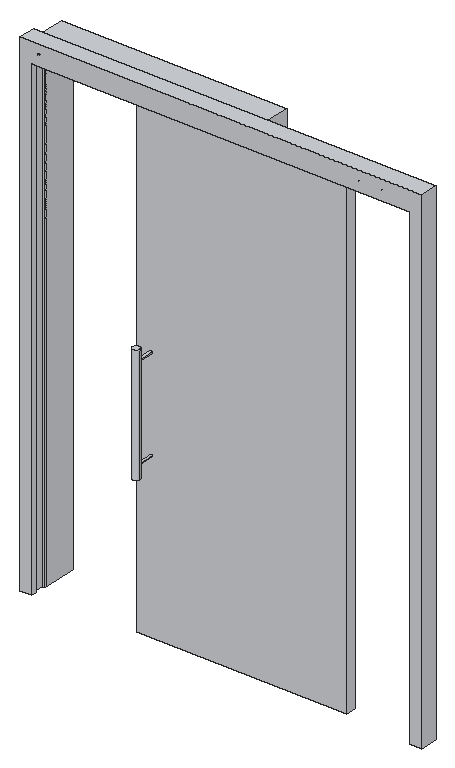
Revit family "Porta de correr sem revestimento - 1 Painel com painel", category Portas, Revit 2019
Family settings
  Hospedeiro = Parede
  Número OmniClass = 23.30.10.00
  Título OmniClass = Doors
  Sempre na vertical = Sim
  Corte com vazios quando carregada = Não
  Compartilhado = Não
  Ponto de cálculo do ambiente = Não
Parameters (values of type "920 x 2100mm")
  Visual Light Transmittance = 0
  Solar Heat Gain Coefficient = 0
  ID do tipo de construção = ""
  Coeficiente de transferência de calor (U) = 3.7021 W/(m²·K)
  Espessura da moldura = 75 mm
  Espessura = Espessura do painel  # 45 mm
  Material deslizante = none
  Rough Width = Width  # 970 mm
  Rough Height = Height  # 2100 mm
  Largura do painel = Width - 70 mm  # 900 mm
  Espessura do painel = 45 mm
  Material do painel = none
  Material do puxador = none
  Função = Interior
  Height = 2100 mm
  Fechamento da parede = Por hospedeiro
  Width = 970 mm
  Largura da estrutura = 50 mm
  Material da moldura = none
  Largura estendida = Largura do painel - 190 mm  # 710 mm
  Construção analítica = Metal
Types (5, lengths in mm): name | Espessura da moldura | Rough Width | Largura do painel | Width | Largura estendida
  (no name) | 75 | 970 | 900 | 970 | 710
  620 x 2100mm | 100 | 690 | 620 | 690 | 430
  720 x 2100mm | 100 | 790 | 720 | 790 | 530
  820 x 2100mm | 100 | 890 | 820 | 890 | 630
  920 x 2100mm | 75 | 970 | 900 | 970 | 710
Reference planes
  plane 1 "Centro (Frente/Trás)": y = 0
  plane 2 "Centro (Esquerda/Direita)": x = 0
  plane 3 "Esquerda": x = -485
  plane 4 "Direita": x = 485
  plane 5: z = 2100
  plane 6 "Exterior": y = 75
  plane 7 "Interior": y = -75
  plane 8: z = 0
  plane 9: z = 1050
  plane 10: y = -80
  plane 11: y = -125
  plane 12: x = 900
  plane 13: z = 2150
  plane 14: x = -435
  plane 15: x = 1195
  plane 16: z = 2050
  plane 17: y = -150
  plane 18: x = 1245
  plane 19: y = -125
  plane 20: y = -80
  plane 21: y = -150
  plane 22: x = 60
  plane 23: z = 900
  plane 24: x = 450
  plane 25: x = 312.5
  plane 26: x = 587.5
  plane 27: through (320, -300, 1054.33) normal (-0.5, 0, 0.866)
  plane 28: through (320, -300, 1045.67) normal (0.5, 0, 0.866)
  plane 29: x = 1245
  plane 30: y = -102.5
Forms (mm)
  Extrusion 1, solid, material <- "Material do painel", detail levels medium+fine
    sketch origin (135, -90, 0) x (1, 0, 0) y (0, 1, 0)
      loop
        line (-135, 10) -> (-135, -35) -> (765, -35) -> (765, 10) -> (-135, 10)
    from 0 to 2050
  Sweep 2, solid, material <- "Material da moldura", detail levels medium+fine
    path origin (0, -75, 0) x (1, 0, 0) y (0, 0, 1)
      loop
        line (-485, 0) -> (-485, 2100) -> (485, 2100) -> (485, 0)
    profile origin (-485, -75, 1050) x (-1, 0, 0) y (0, -1, 0)
      loop
        line (0, -150) -> (0, 0) -> (-50, 0) -> (-50, -150) -> (0, -150)
  Sweep 3, solid, material <- "Material da moldura", detail levels fine
    path origin (0, -75, 0) x (1, 0, 0) y (0, 0, 1)
      loop
        line (1245, 2050) -> (-485, 2050)
    profile "Perfil_Moldura : Perfil_Moldura" origin (380, -75, 2050) x (0, 0, -1) y (0, -1, 0)
      loop
        line (0, 75) -> (-85, 75) -> (-85, 0) -> (0, 0) -> (0, 5) -> (-45, 5) -> (-45, 55) -> (0, 55) -> (0, 75)
  Sweep 4, solid, material <- "Material da moldura", detail levels fine
    path origin (0, -75, 0) x (1, 0, 0) y (0, 0, 1)
      loop
        line (-435, 2100) -> (-435, 0)
    profile origin (-435, -75, 1050) x (0, -1, 0) y (1, 0, 0)
      loop
        line (0, 0) -> (0, -50) -> (75, -50) -> (75, 0) -> (50, 0) -> (50, -10) -> (5, -10) -> (5, 0) -> (0, 0)
  Sweep 5, solid, material <- "Material da moldura", detail levels fine
    path origin (0, -75, 0) x (1, 0, 0) y (0, 0, 1)
      loop
        line (1195, 2100) -> (1195, 0)
    profile origin (1195, -75, 1050) x (0, -1, 0) y (1, 0, 0)
      loop
        line (0, 0) -> (5, 0) -> (5, 10) -> (50, 10) -> (50, 0) -> (75, 0) -> (75, 50) -> (0, 50) -> (0, 0)
  Extrusion 6, solid, material <- "Material do painel", detail levels coarse
    sketch origin (0, 0, 0) x (1, 0, 0) y (0, 1, 0)
      loop
        line (0, -80) -> (0, -125) -> (900, -125) -> (900, -80) -> (0, -80)
    from 0 to 2100
  Sweep 7, solid, detail levels fine
    path origin (-445, -102.5, 2095) x (1, 0, 0) y (0, 0, 1)
      loop
        line (0, 0) -> (1650, 0)
    profile "Perfil_Deslizante : Perfil_Deslizante" origin (380, -102.5, 2095) x (0, 0, 1) y (0, -1, 0)
      loop
        line (-35, -6.708) -> (-35, -17.5) -> (0, -17.5) -> (0, 17.5) -> (-35, 17.5) -> (-35, 6.708)
        arc (-35, 6.708) -> (-33.877, 3.998) -> (-31.167, 2.875) r 3.833
        line (-31.167, 2.875) -> (-31.167, 4.875)
        arc (-31.167, 4.875) -> (-32.819, 5.914) -> (-32.598, 7.854) r 1.833
        arc (-32.598, 7.854) -> (-32, 8.375) -> (-32.598, 8.896) r 0.526
        arc (-32.598, 8.896) -> (-32.897, 9.434) -> (-33, 10.042) r 1.833
        line (-33, 10.042) -> (-33, 15.5) -> (-2, 15.5) -> (-2, -15.5) -> (-33, -15.5) -> (-33, -10.042)
        arc (-33, -10.042) -> (-32.897, -9.434) -> (-32.598, -8.896) r 1.833
        spline (-32.598, -8.896) -> (-32.449, -8.895) -> (-32.306, -8.852) -> (-32.18, -8.771) -> (-32.083, -8.658) -> (-32.021, -8.523) -> (-32, -8.375) -> (-32.021, -8.227) -> (-32.083, -8.092) -> (-32.18, -7.979) -> (-32.306, -7.898) -> (-32.449, -7.855) -> (-32.598, -7.854)
        arc (-32.598, -7.854) -> (-32.819, -5.914) -> (-31.167, -4.875) r 1.833
        line (-31.167, -4.875) -> (-31.167, -2.875)
        arc (-31.167, -2.875) -> (-33.877, -3.998) -> (-35, -6.708) r 3.833
      loop
        arc (-9.083, 5.875) -> (-8.25, 6.708) -> (-9.083, 7.542) r 0.833
        arc (-9.083, 7.542) -> (-9.917, 8.375) -> (-9.083, 9.208) r 0.833
        arc (-9.083, 9.208) -> (-8.25, 10.042) -> (-9.083, 10.875) r 0.833
        line (-9.083, 10.875) -> (-31.167, 10.875)
        arc (-31.167, 10.875) -> (-32, 10.042) -> (-31.167, 9.208) r 0.833
        arc (-31.167, 9.208) -> (-30.333, 8.375) -> (-31.167, 7.542) r 0.833
        arc (-31.167, 7.542) -> (-32, 6.708) -> (-31.167, 5.875) r 0.833
        line (-31.167, 5.875) -> (-21.25, 5.875) -> (-21.25, 1.25) -> (-45, 1.25) -> (-45, -1.25) -> (-21.25, -1.25) -> (-21.25, -5.875) -> (-31.167, -5.875)
        arc (-31.167, -5.875) -> (-32, -6.708) -> (-31.167, -7.542) r 0.833
        arc (-31.167, -7.542) -> (-30.333, -8.375) -> (-31.167, -9.208) r 0.833
        arc (-31.167, -9.208) -> (-32, -10.042) -> (-31.167, -10.875) r 0.833
        line (-31.167, -10.875) -> (-9.083, -10.875)
        arc (-9.083, -10.875) -> (-8.25, -10.042) -> (-9.083, -9.208) r 0.833
        arc (-9.083, -9.208) -> (-9.917, -8.375) -> (-9.083, -7.542) r 0.833
        arc (-9.083, -7.542) -> (-8.25, -6.708) -> (-9.083, -5.875) r 0.833
        line (-9.083, -5.875) -> (-18.75, -5.875) -> (-18.75, 5.875) -> (-9.083, 5.875)
  Sweep 8, solid, material <- "Material da moldura", detail levels medium
    path origin (0, -75, 0) x (1, 0, 0) y (0, 0, 1)
      loop
        line (-485, 0) -> (-485, 2100) -> (1245, 2100) -> (1245, 0)
    profile origin (-485, -75, 1050) x (-1, 0, 0) y (0, -1, 0)
      loop
        line (0, 75) -> (-50, 75) -> (-50, 0) -> (0, 0) -> (0, 75)
Cuts and joins
  joined: Sweep 3, Sweep 4, Sweep 5
Lines and regions (mm)
  Opening 1
    outline origin (-3050, -75, 0) x (1, 0, 0) y (0, 0, 1)
      loop
        line (2565, 0) -> (3535, 0) -> (3535, 2100) -> (2565, 2100) -> (2565, 0)
  symbolic lines, style "Giro da elevação"
    curve 1: line (900, 75, 2100) -> (0, 75, 0)
    curve 2: line (0, 75, 2100) -> (900, 75, 0)
  symbolic lines, style "Seta"
    curve 3: line (312.5, -75, 1050) -> (587.5, -75, 1050)
    curve 4: line (312.5, -75, 1050) -> (390.442, -75, 1095)
    curve 5: line (312.5, -75, 1050) -> (390.442, -75, 1005)
Text (mm)
  text "Externo" at (-2295.016, 1099.543, 0), in view "Nível de referência"
  text "Externo" at (0, 1615.38, 3698.081), in view "Esquerda"
  text "Externo" at (0, 1036.032, 3874.932), in view "Direita"
Dimensions and locks
  equal spacing: plane 3 "Esquerda", plane 2 "Centro (Esquerda/Direita)", plane 4 "Direita"
  "Width": plane 3 "Esquerda" to plane 4 "Direita"
  "Height": plane 5 to host wall
  host wall to plane 5 = 2100 mm  (x2)
  locked: plane 6 "Exterior" to host wall at 0
  locked: plane 7 "Interior" to host wall
  equal spacing: level, plane 9, plane 5
  locked: plane 7 "Interior" to plane 10 at 5
  "Espessura": plane 10 to plane 11
  "Largura do painel": plane 2 "Centro (Esquerda/Direita)" to plane 12
  locked: plane 13 to plane 5 at 50
  "Largura da estrutura": plane 3 "Esquerda" to plane 14
  plane 5 to plane 13 = 50 mm
  "Largura estendida": plane 4 "Direita" to plane 15
  "Largura da estrutura": plane 5 to plane 16
  "Espessura da moldura": plane 17 to plane 7 "Interior"
  "Largura da estrutura": plane 3 "Esquerda" to profile plane
  "Espessura": plane 19 to plane 20
  "Largura da estrutura": plane 15 to plane 18
  "Espessura da moldura": plane 21 to plane 7 "Interior"
  locked: Sweep 5 sketch curve to Sweep 5 sketch curve at 10
  locked: plane 22 to plane 2 "Centro (Esquerda/Direita)" at 60
  locked: plane 8 to plane 23 at 900
  locked: plane 2 "Centro (Esquerda/Direita)" to plane 22 at 60
  equal spacing: plane 12, plane 24, plane 2 "Centro (Esquerda/Direita)"
  locked: plane 26 to plane 25 at 275
  equal spacing: plane 26, plane 24, plane 25
  locked: curve 4 to curve 4 at 90
  locked: curve 5 to curve 5 at 90
  "Largura da estrutura": plane 15 to plane 29
  equal spacing: plane 10, plane 30, plane 11
  locked: plane 9 to plane 27 (angle 30.00°)
  locked: plane 28 to plane 9 (angle 30.00°)
  aligned and locked: plane 3 "Esquerda" to Opening 1 sketch curve
  aligned and locked: plane 5 to Opening 1 sketch curve  (x2)
  aligned and locked: Opening 1 sketch curve to plane 4 "Direita"
  aligned and locked: Opening 1 sketch curve to level
  aligned and locked: plane 1 "Centro (Frente/Trás)" to host wall
  aligned and locked: level to plane 8
  aligned and locked: plane 5 to curve 1
  aligned and locked: level to curve 2
  aligned and locked: plane 5 to curve 2
  aligned and locked: level to curve 1
  aligned and locked: Extrusion 1 to plane 11
  aligned and locked: plane 10 to Extrusion 1
  aligned and locked: plane 12 to Extrusion 1
  aligned and locked: Extrusion 1 to plane 2 "Centro (Esquerda/Direita)"
  aligned and locked: Sweep 2 sketch curve to plane 3 "Esquerda"
  aligned and locked: plane 4 "Direita" to Sweep 2 sketch curve
  aligned and locked: Sweep 2 sketch curve to plane 14
  aligned and locked: plane 6 "Exterior" to Sweep 2 sketch curve
  aligned and locked: Sweep 2 sketch curve to plane 7 "Interior"
  aligned and locked: Extrusion 1 to curve 1
  aligned and locked: Extrusion 1 to curve 2
  aligned and locked: plane 16 to Sweep 3 sketch curve
  aligned and locked: Sweep 2 sketch curve to plane 5
  aligned and locked: plane 7 "Interior" to Sweep 2
  aligned and locked: plane 8 to Sweep 4 sketch curve
  aligned and locked: Sweep 4 sketch curve to Sweep 2
  aligned and locked: Sweep 4 sketch curve to plane 7 "Interior"
  aligned and locked: plane 3 "Esquerda" to Sweep 4 sketch curve
  aligned and locked: plane 11 to Sweep 4 sketch curve
  aligned and locked: Sweep 4 sketch curve to plane 10
  aligned and locked: plane 8 to Sweep 5 sketch curve
  aligned and locked: plane 11 to Sweep 5 sketch curve
  aligned and locked: plane 15 to Sweep 5 sketch curve
  aligned and locked: Sweep 5 sketch curve to plane 18
  aligned and locked: plane 7 "Interior" to Sweep 5 sketch curve
  aligned and locked: plane 21 to Sweep 5 sketch curve
  aligned and locked: plane 3 "Esquerda" to Sweep 3 sketch curve
  aligned and locked: plane 5 to Sweep 5 sketch curve
  aligned and locked: plane 5 to Sweep 4 sketch curve
  aligned and locked: plane 22 to nested 1
  aligned and locked: plane 23 to nested 1
  aligned and locked: cut or joined group of Sweep 3, Sweep 4, Sweep 5 to Extrusion 1
  aligned and locked: plane 11 to nested 1
  aligned and locked: nested 1 to plane 10
  aligned and locked: curve 3 to plane 9
  aligned and locked: plane 26 to curve 3
  aligned and locked: curve 5 to plane 28
  aligned and locked: plane 29 to cut or joined group of Sweep 3, Sweep 4, Sweep 5
  aligned and locked: plane 2 "Centro (Esquerda/Direita)" to Extrusion 6 sketch curve
  aligned and locked: Extrusion 6 sketch curve to plane 12
  aligned and locked: Extrusion 6 sketch curve to plane 10
  aligned and locked: Extrusion 6 sketch curve to plane 11
  aligned and locked: Extrusion 6 to plane 5
  aligned and locked: Extrusion 6 to plane 8
  aligned and locked: nested 2 to cut or joined group of Sweep 3, Sweep 4, Sweep 5
  aligned and locked: Sweep 7 sketch curve to cut or joined group of Sweep 3, Sweep 4, Sweep 5
  aligned and locked: plane 30 to nested 2
  aligned and locked: Sweep 7 to Extrusion 1  (x2)
  aligned and locked: nested 2 to Extrusion 1
  aligned and locked: Sweep 8 sketch curve to plane 3 "Esquerda"  (x2)
  aligned and locked: Sweep 8 sketch curve to plane 5
  aligned and locked: Sweep 8 sketch curve to plane 29
  aligned and locked: Sweep 8 sketch curve to cut or joined group of Sweep 3, Sweep 4, Sweep 5  (x2)
  aligned and locked: Sweep 8 sketch curve to plane 7 "Interior"
Automatic sketch dimensions
  Sweep 2 sketch curve to level = 0 mm  (x2)
  Extrusion 1 sketch curve to plane 2 "Centro (Esquerda/Direita)" = 0 mm
  plane 11 to Extrusion 1 sketch curve = 0 mm
  Extrusion 1 sketch curve to plane 12 = 0 mm
  Extrusion 1 sketch curve to plane 10 = 0 mm
  curve 1 to plane 2 "Centro (Esquerda/Direita)" = 0 mm
  curve 2 to plane 12 = 0 mm
  Sweep 2 sketch curve to profile plane = 0 mm
  Sweep 4 sketch curve to profile plane = 0 mm  (x2)
  Sweep 4 sketch curve to plane 17 = 0 mm
  Sweep 5 sketch curve to plane 15 = 0 mm
  Sweep 5 sketch curve to profile plane = 0 mm
  Sweep 5 sketch curve to Sweep 5 sketch curve = 5 mm
  profile plane to Sweep 4 sketch curve = 10 mm
  plane 15 to Sweep 3 sketch curve = 50 mm
  plane 27 to curve 4 = 0 mm
  Sweep 7 sketch curve to plane 3 "Esquerda" = 40 mm
  plane 15 to Sweep 7 sketch curve = 10 mm
  Sweep 8 sketch curve to level = 0 mm  (x2)
Nested families
  nested 1: "Maçaneta da porta 4" at (60, -102.5, 900), type "Altura 500 mm", detail levels fine
  nested 2: "Deslizante_H" at (-445, -102.5, 2095), type "Deslizante_H", detail levels medium
Definition of nested family "Maçaneta da porta 4"
  Parameters
    Espessura do painel = 45 mm
    Material do puxador = none
    Raio do puxador = 15 mm
    Altura do puxador = 500 mm
    Profundidade do puxador = 80 mm
    Raio do conector = 5 mm
    Altura do conector = Altura do puxador - 100 mm  # 400 mm
    Assembly Code = ""
  Reference planes
    plane 1 "Centro (Frente/Trás)": y = 0
    plane 2: z = 0
    plane 3 "Centro (Esquerda/Direita)": x = 0
    plane 4: z = 250
    plane 5: y = -102.5
    plane 6: z = -250
    plane 7: z = 200
    plane 8: z = -200
    plane 9: y = -22.5
    plane 10: y = 22.5
    plane 11: y = 102.5
  Forms (mm)
    Extrusion 1, solid, material <- "Material do puxador"
      sketch origin (0, -30.569, 0) x (1, 0, 0) y (0, 1, 0)
        loop
          circle (0, -71.931) r 15
      from -250 to 250
    Extrusion 2, solid, material <- "Material do puxador"
      sketch origin (0, 0, 0) x (1, 0, 0) y (0, 0, 1)
        loop
          circle (0, 200) r 5
        loop
          circle (0, -200) r 5
      from 22.5 to 102.5
    Extrusion 3, solid, material <- "Material do puxador"
      sketch origin (0, 0, 0) x (1, 0, 0) y (0, 0, -1)
        loop
          circle (0, -200) r 5
        loop
          circle (0, 200) r 5
      from 22.5 to 102.5
    Extrusion 4, solid, material <- "Material do puxador"
      sketch origin (0, 30.569, 0) x (1, 0, 0) y (0, 1, 0)
        loop
          circle (0, 71.931) r 15
      from -250 to 250
  Dimensions and locks
    equal spacing: plane 4, plane 2, plane 6
    "Altura do puxador": plane 4 to plane 6
    equal spacing: plane 7, plane 2, plane 8
    "Altura do conector": plane 7 to plane 8
    equal spacing: plane 9, plane 1 "Centro (Frente/Trás)", plane 10
    "Profundidade do puxador": plane 9 to plane 5
    "Profundidade do puxador": plane 10 to plane 11
    "Espessura do painel": plane 9 to plane 10
    "Raio do puxador": radius of Extrusion 1 sketch curve
    "Raio do conector": radius of Extrusion 2 sketch curve  (x2)
    "Raio do conector": radius of Extrusion 3 sketch curve  (x2)
    "Raio do puxador": radius of Extrusion 4 sketch curve
    aligned and locked: plane 6 to Extrusion 1
    aligned and locked: plane 4 to Extrusion 1
    aligned: Extrusion 2 to plane 5
    aligned and locked: Extrusion 2 to plane 5  (x2)
    aligned and locked: plane 9 to Extrusion 2
    aligned and locked: plane 5 to Extrusion 1 sketch curve
    aligned and locked: plane 3 "Centro (Esquerda/Direita)" to Extrusion 1 sketch curve
    aligned and locked: Extrusion 2 to plane 9  (x2)
    aligned and locked: plane 10 to Extrusion 3
    aligned and locked: Extrusion 3 to plane 11
    aligned and locked: plane 11 to Extrusion 4 sketch curve
    aligned and locked: plane 3 "Centro (Esquerda/Direita)" to Extrusion 4 sketch curve
    aligned and locked: plane 4 to Extrusion 4
    aligned and locked: plane 6 to Extrusion 4
  Automatic sketch dimensions
    Extrusion 2 sketch curve to plane 3 "Centro (Esquerda/Direita)" = 0 mm  (x2)
    Extrusion 2 sketch curve to plane 8 = 0 mm
    Extrusion 2 sketch curve to plane 7 = 0 mm
    Extrusion 3 sketch curve to plane 3 "Centro (Esquerda/Direita)" = 0 mm  (x2)
    Extrusion 3 sketch curve to plane 7 = 0 mm
    Extrusion 3 sketch curve to plane 8 = 0 mm
Definition of nested family "Deslizante_H"
  Reference planes
    plane 1 "Centro (Frente/Trás)": y = 0
    plane 2: z = 0
    plane 3 "Centro (Esquerda/Direita)": x = 0
  Lines and regions (mm)
    symbolic lines
      curve 1: line (0, -17.5, 0) -> (0, 17.5, 0)
      curve 2: line (0, 17.5, 0) -> (0, 17.5, -35)
      curve 3: line (0, 17.5, -35) -> (0, 1.25, -35)
      curve 4: line (0, -17.5, -35) -> (0, -17.5, 0)
      curve 5: line (0, -1.25, -35) -> (0, -17.5, -35)
      curve 6: line (0, -1.25, -35) -> (0, -1.25, -45)
      curve 7: line (0, 1.25, -45) -> (0, 1.25, -25)
      curve 8: line (0, -1.25, -35) -> (0, -1.25, -25)
      curve 9: line (0, -1.25, -25) -> (0, 1.25, -25)
      curve 10: line (0, 1.25, -45) -> (0, -1.25, -45)
  Dimensions and locks
    aligned and locked: level to plane 2
